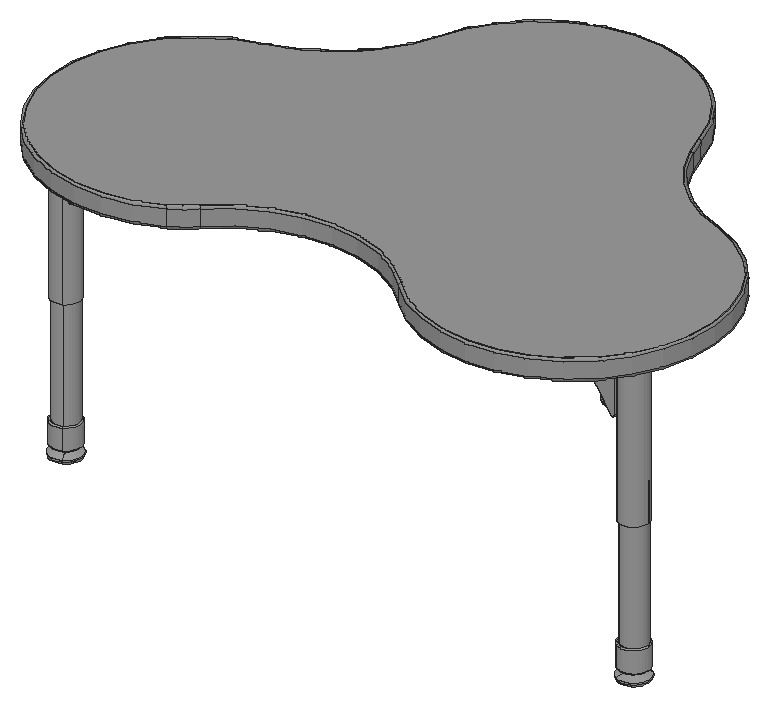
Revit family "Hierarchy Cloud 9 Small Desk - Youth Height", category Furniture, Revit 2018
Family settings
  Work Plane-Based = No
  Always vertical = Yes
  Cut with Voids When Loaded = No
  Shared = No
  Room Calculation Point = No
Parameters
  Table Height = 1' - 4"
  Surface = Hierarchy Cloud 9 Small Desk Youth Surface
  Leg Finish = Hierarchy Leg Platinum
  Edgeband = Hierarchy Cloud 9 Small Desk Youth Edgeband
  Caster/Glide = Hierarchy Youth Leg - Glide : Hierarchy Youth Leg - Glide
Reference planes
  plane 1 "Center (Front/Back)": y = 0
  plane 2: z = 0
  plane 3 "Center (Left/Right)": x = 0
  plane 4 "Table Height": z = 406.4
Dimensions and locks
  "Table Height": plane 4 "Table Height" to level
  aligned and locked: plane 2 to level
  aligned and locked: nested 1 to plane 4 "Table Height"
Nested families
  nested 1: "Cloud 9 Small Tabletop" at (0, 0, -299.555), type "Cloud 9 Small Tabletop"
  nested 2: "Hierarchy Youth Leg - Glide" at (-400.129, -201.076, 0) x (-0.4871, 0.8734, 0) z (0, 0, 1), Leg Height <- "Table Height", type <- "Caster/Glide", Leg Finish <- "Leg Finish", type "Hierarchy Youth Leg - Glide"
    with Leg Height 1' - 4", Leg Finish Hierarchy Leg Platinum
  nested 3: "Hierarchy Youth Leg - Glide" at (0, 275.102, 0), Leg Finish <- "Leg Finish", Leg Height <- "Table Height", type "Hierarchy Youth Leg - Glide"
    with Leg Height 1' - 4", Leg Finish Hierarchy Leg Platinum
  nested 4: "Hierarchy Youth Leg - Glide" at (400.129, -201.076, 0) x (0.4871, 0.8734, 0) z (0, 0, 1), Leg Height <- "Table Height", type <- "Caster/Glide", Leg Finish <- "Leg Finish", type "Hierarchy Youth Leg - Glide"
    with Leg Height 1' - 4", Leg Finish Hierarchy Leg Platinum
Definition of nested family "Cloud 9 Small Tabletop"
  Parameters (values of type "Cloud 9 Small Tabletop")
    Surface = none
    Edgeband = none
  Reference planes
    plane 1 "Center (Front/Back)": y = 0
    plane 2: z = 0
    plane 3 "Center (Left/Right)": x = 0
  Forms (mm)
    Extrusion 1, solid, material <- "Surface"
      sketch origin (53.224, -154.138, 0) x (1, 0, 0) y (0, 1, 0)
        loop
          arc (-233.074, -143.809) -> (-218.191, -134.126) -> (-204.781, -122.489) r 128.841
          arc (-204.781, -122.489) -> (-64.077, -61.869) -> (77.873, -119.511) r 198.469
          arc (77.873, -119.511) -> (373.118, -84.137) -> (270.899, 195.098) r 189.618
          arc (270.899, 195.098) -> (193.335, 237.04) -> (141.596, 308.443) r 198.461
          arc (141.596, 308.443) -> (136.305, 322.027) -> (131.148, 335.662) r 1492.15
          arc (131.148, 335.662) -> (-53.224, 476.061) -> (-237.596, 335.662) r 191.257
          arc (-237.596, 335.662) -> (-242.753, 322.027) -> (-248.044, 308.443) r 1492.15
          arc (-248.044, 308.443) -> (-300.697, 243.586) -> (-375.084, 205.568) r 202.08
          arc (-375.084, 205.568) -> (-501.451, -49.345) -> (-233.074, -143.809) r 189.975
      from 705.955 to 734.53
    Sweep 2, solid, material <- "Edgeband"
      path in 3D
        loop
          arc (184.372, 181.524, 734.53) -> (189.529, 167.889, 734.53) -> (194.82, 154.305, 734.53) r 1492.15
          arc (194.82, 154.305, 734.53) -> (246.559, 82.902, 734.53) -> (324.123, 40.96, 734.53) r 198.461
          arc (324.123, 40.96, 734.53) -> (426.342, -238.275, 734.53) -> (131.097, -273.649, 734.53) r 189.618
          arc (131.097, -273.649, 734.53) -> (-10.853, -216.007, 734.53) -> (-151.557, -276.627, 734.53) r 198.469
          arc (-151.557, -276.627, 734.53) -> (-164.967, -288.264, 734.53) -> (-179.85, -297.946, 734.53) r 128.841
          arc (-179.85, -297.946, 734.53) -> (-448.227, -203.483, 734.53) -> (-321.86, 51.43, 734.53) r 189.975
          arc (-321.86, 51.43, 734.53) -> (-247.473, 89.449, 734.53) -> (-194.82, 154.305, 734.53) r 202.08
          arc (-194.82, 154.305, 734.53) -> (-189.529, 167.889, 734.53) -> (-184.372, 181.524, 734.53) r 1492.15
          arc (-184.372, 181.524, 734.53) -> (0, 321.923, 734.53) -> (184.372, 181.524, 734.53) r 191.257
      profile origin (0, 321.923, 734.53) x (0, 1, 0) y (0, 0, 1)
        loop
          line (0, 0) -> (0, -28.575)
          arc (0, -28.575) -> (2.295, -27.624) -> (3.245, -25.33) r 3.245
          line (3.245, -25.33) -> (3.245, -3.245)
          arc (3.245, -3.245) -> (2.295, -0.951) -> (0, 0) r 3.245
  Lines and regions (mm)
    sketch lines
      curve 1: arc (-184.372, 181.524, 734.53) -> (0, 321.923, 734.53) -> (184.372, 181.524, 734.53) r 191.257
      curve 2: arc (-194.82, 154.305, 734.53) -> (-189.529, 167.889, 734.53) -> (-184.372, 181.524, 734.53) r 1492.15
      curve 3: arc (-321.86, 51.43, 734.53) -> (-247.473, 89.449, 734.53) -> (-194.82, 154.305, 734.53) r 202.08
      curve 4: arc (-179.85, -297.946, 734.53) -> (-448.227, -203.483, 734.53) -> (-321.86, 51.43, 734.53) r 189.975
      curve 5: arc (131.097, -273.649, 734.53) -> (-10.853, -216.007, 734.53) -> (-151.557, -276.627, 734.53) r 198.469
      curve 6: arc (324.123, 40.96, 734.53) -> (426.342, -238.275, 734.53) -> (131.097, -273.649, 734.53) r 189.618
      curve 7: arc (194.82, 154.305, 734.53) -> (246.559, 82.902, 734.53) -> (324.123, 40.96, 734.53) r 198.461
      curve 8: arc (184.372, 181.524, 734.53) -> (189.529, 167.889, 734.53) -> (194.82, 154.305, 734.53) r 1492.15
      curve 9: arc (-151.557, -276.627, 734.53) -> (-164.967, -288.264, 734.53) -> (-179.85, -297.946, 734.53) r 128.841
  Dimensions and locks
    aligned and locked: plane 2 to level
Definition of nested family "Hierarchy Youth Leg - Glide"
  Parameters (values of type "Hierarchy Youth Leg - Glide")
    Leg Finish [instance] = none
    Leg Height [instance] = 1' - 4.80117"
  Reference planes
    plane 1 "Center (Front/Back)": y = 0
    plane 2: z = 0
    plane 3 "Center (Left/Right)": x = 0
  Forms (mm)
    Extrusion 1, solid
      sketch origin (-0.397, 0, 0) x (1, 0, 0) y (0, 1, 0)
        loop
          circle (0.397, 0) r 17.022
      from 17.175 to 267.975
    Revolve 2, solid
      sketch origin (0, 0, 0) x (1, 0, 0) y (0, 0, 1)
        loop
          line (-18.59, 45.75) -> (-20.178, 44.162) -> (-20.178, 15.591) -> (-18.587, 14) -> (-3.175, 14) -> (-3.175, 10.825) -> (-21.503, 4.125) -> (-21.503, 2.284) -> (-20.665, 0) -> (0, 0) -> (0, 45.75) -> (-18.59, 45.75)
        axis (0, 45.75) -> (0, 0)
      angle from 0 to 360
  Dimensions and locks
    "Leg Height": nested 1 to level  (x2)
    aligned and locked: plane 2 to level
  Automatic sketch dimensions
    plane 1 "Center (Front/Back)" to Extrusion 1 sketch curve = 0' - 0"
    Extrusion 1 sketch curve to plane 3 "Center (Left/Right)" = 0' - 0"
    Revolve 2 sketch curve to level = 0' - 0"
    Revolve 2 sketch curve to plane 3 "Center (Left/Right)" = 0' - 0"  (x2)
    Revolve 2 sketch curve to plane 3 "Center (Left/Right)" = 0' - 0 1/8"
    Revolve 2 sketch curve to Revolve 2 sketch curve = 0' - 0.60676"
    Revolve 2 sketch curve to Revolve 2 sketch curve = 0' - 0.73189"
    Revolve 2 sketch curve to Revolve 2 sketch curve = 0' - 0.06263"  (x2)
    Revolve 2 sketch curve to Revolve 2 sketch curve = 0' - 0.08183"
    Revolve 2 sketch curve to Revolve 2 sketch curve = 0' - 0.03297"
    level to Revolve 2 sketch curve = 0' - 0.08994"
    Revolve 2 sketch curve to Revolve 2 sketch curve = 0' - 0.07247"
    level to Revolve 2 sketch curve = 0' - 0.42618"
    Revolve 2 sketch curve to Revolve 2 sketch curve = 0' - 0 1/8"
    Revolve 2 sketch curve to Revolve 2 sketch curve = 0' - 1.12486"
    Revolve 2 sketch curve to Revolve 2 sketch curve = 0' - 0 1/16"
    Revolve 2 sketch curve to level = 2' - 0"
    Revolve 2 sketch curve to Revolve 2 sketch curve = 8' - 4.91764"
    radius of Extrusion 1 sketch curve = 0' - 0.67016"
  Nested families
    nested 1: "Hierarchy Youth Upper Leg 2023" at (0, 0, 0), Leg Finish <- "Leg Finish", type "Hierarchy Youth Upper Leg 2023"
      with Leg Finish none
  Definition of nested family "Hierarchy Youth Upper Leg 2023"
    Parameters (values of type "Hierarchy Youth Upper Leg 2023")
      Leg Finish [instance] = none
    Reference planes
      plane 1 "Center (Front/Back)": y = 0
      plane 2: z = 0
      plane 3 "Center (Left/Right)": x = 0
    Forms (mm)
      Extrusion 1, solid, material <- "Leg Finish"
        sketch origin (0, 0, -279.425) x (1, 0, 0) y (0, 1, 0)
          loop
            circle (0, 0) r 19.05
        from 499.775 to 702.975
      Extrusion 2, solid, material <- "Leg Finish"
        sketch origin (0, 0, -279.425) x (1, 0, 0) y (0, 1, 0)
          loop
            line (-43.224, 4.873) -> (-73.311, -57.433)
            arc (-73.311, -57.433) -> (-72.134, -78.695) -> (-53.5, -89) r 22
            line (-53.5, -89) -> (53.5, -89)
            arc (53.5, -89) -> (72.134, -78.695) -> (73.311, -57.433) r 22
            line (73.311, -57.433) -> (43.224, 4.873)
            arc (43.224, 4.873) -> (0, 32) -> (-43.224, 4.873) r 48
        from 702.975 to 706.175
      Extrusion 3, solid, material <- "Leg Finish"
        sketch origin (-37.724, 220.097, -279.425) x (-0.434844, 0.900506, 0) y (0, 0, 1)
          loop
            line (-228.962, 702.975) -> (-299.962, 702.975)
            arc (-299.962, 702.975) -> (-302.851, 700.784) -> (-301.52, 697.412) r 3
            arc (-301.52, 697.412) -> (-263.998, 667.938) -> (-234.525, 630.417) r 200
            arc (-234.525, 630.417) -> (-231.153, 629.086) -> (-228.962, 631.975) r 3
            line (-228.962, 631.975) -> (-228.962, 702.975)
        from -49.295 to -46.095
      Extrusion 4, solid, material <- "Leg Finish"
        sketch origin (37.724, 220.097, -279.425) x (0.434844, 0.900506, 0) y (0, 0, -1)
          loop
            line (-228.962, -702.975) -> (-228.962, -631.975)
            arc (-228.962, -631.975) -> (-231.153, -629.086) -> (-234.525, -630.417) r 3
            arc (-234.525, -630.417) -> (-263.998, -667.938) -> (-301.52, -697.412) r 200
            arc (-301.52, -697.412) -> (-302.851, -700.784) -> (-299.962, -702.975) r 3
            line (-299.962, -702.975) -> (-228.962, -702.975)
        from -49.295 to -46.095
    Dimensions and locks
      aligned and locked: plane 2 to level
